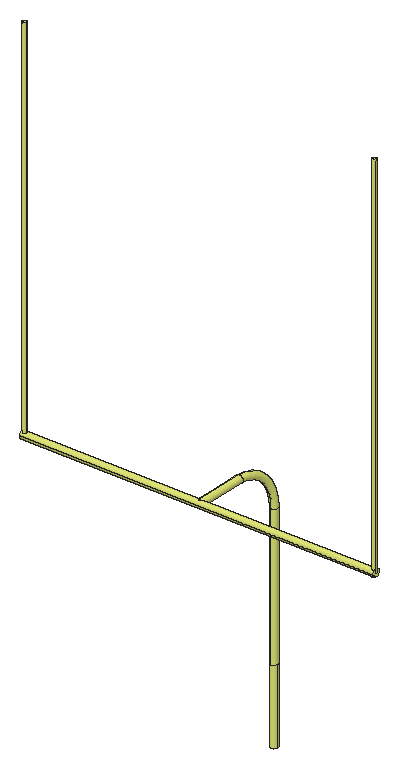
Revit family "Goalpost_PerfectGoal_Gooseneck", category Site, Revit 2023
Family settings
  Round Connector Dimension = Use Diameter
  Part Type = Normal
  OmniClass Number = 23.40.50.34.14
  OmniClass Title = Gymnasium Equipment
  Work Plane-Based = No
  Always vertical = Yes
  Cut with Voids When Loaded = No
  Shared = No
Parameters (values of type "FB45CG")
  URL = "https://ipibybison.com/"
  Total Width = Goal Clearance + (2 * (0' 2 3/8"))  # 18' - 10 3/4"
  Total Height = Rail Elevation + Post Height - 0' 4 1/2"  # 29' - 7 1/2"
  Test Data = "http://www.ipibybison.com/ToolBox.php"
  Specification = "https://www.arcat.com/arcatcos/cos49/arc49571.html"
  Setback = 5' - 0"
  Sales Information = "http://www.ipibybison.com/DealersPage.php"
  Revision = "R1_2018-09"
  Rail Elevation = 10' - 0"
  Product Data = "http://www.arcat.com/arcatcos/cos38/arc38554.html"
  Model = "As Specified"
  Manufacturer Website = "http://www.ipibybison.com/"
  Manufacturer Phone - Toll Free = "888-438-5311"
  Manufacturer Phone = "888-438-5311"
  Manufacturer Fax = "888-438-5312"
  Manufacturer Address = "603 L St.   Lincoln, NE 68508"
  Manufacturer = "BRP by bison"
  Keynote = "11 66 00"
  Installation-Fabrication = "http://www.ipibybison.com/InstallersPage.php"
  Green Building-LEED = "https://www.arcat.com/green/green_building.shtml"
  Gooseneck Diameter = 0' - 4 1/2"
  Post Height = 20' - 0"
  Goal Post Finish = Powder Coat - Specify Color
  Goal Clearance = 18' - 6"
  Embedding Depth = 4' - 0"
  Drawn By = "Sumex Design, Inc. / Robert S. Weygant, CSI, CDT, SCIP"
  Description = "IPI by Bison Gymnasium Equipment"
  Copyright = "©Arcat Inc."
  Construction Details = "https://www.arcat.com/downloads/38554-brpbis/bim/bison/BRP%20by%20bison"
  Category = ""
  Building Codes = "https://www.brpbybison.com/submittals.html"
Types (6): name | Total Width | Setback | Gooseneck Diameter | Goal Clearance
  FB45HS | 23' - 8 3/4" | 5' - 0" | 0' - 4 1/2" | 23' - 4"
  FB45CG | 18' - 10 3/4" | 5' - 0" | 0' - 4 1/2" | 18' - 6"
  FB55CG | 18' - 10 3/4" | 6' - 0" | 0' - 5 9/16" | 18' - 6"
  FB55HS | 23' - 8 3/4" | 6' - 0" | 0' - 5 9/16" | 23' - 4"
  FB58CG | 18' - 10 3/4" | 8' - 0" | 0' - 5 9/16" | 18' - 6"
  FB58HS | 23' - 8 3/4" | 8' - 0" | 0' - 5 9/16" | 23' - 4"
Reference planes (in)
  plane 1 "Center (Front/Back)": y = 0
  plane 2 "Bottom": z = 0
  plane 3 "Center (Left/Right)": x = 0
  plane 4 "Left": x = -113.375
  plane 5 "Right": x = 113.375
  plane 6: z = 120
  plane 7: z = 117.75
  plane 8 "Rail Alignment": y = -60
  plane 9: z = 115.5
  plane 10 "Top": z = 355.5
  plane 11: x = -112.1875
  plane 12: x = 112.1875
  plane 13: x = -111
  plane 14: x = 111
  plane 15: z = -48
Forms (in)
  Sweep 1, solid, material "Powder Coat - Specify Color" <- "Goal Post Finish"
    path origin (0, 0, 0) x (0, 1, 0) y (0, 0, 1)
      loop
        line (-60, 117.75) -> (-28, 117.75)
        arc (-28, 117.75) -> (-8.20101, 109.54899) -> (0, 89.75) r 28
        line (0, 89.75) -> (0, 0)
    profile origin (0, -44, 117.75) x (0, 0, 1) y (1, 0, 0)
      loop
        circle (0, 0) r 2.25
  Extrusion 2, solid, material "Powder Coat - Specify Color" <- "Goal Post Finish"
    sketch origin (0, 0, 0) x (1, 0, 0) y (0, 1, 0)
      loop
        circle (-112.1875, -60) r 1.1875
      loop
        circle (112.1875, -60) r 1.1875
    from 117.75 to 355.5
  Extrusion 3, solid, material "Powder Coat - Specify Color" <- "Goal Post Finish"
    sketch origin (0, 0, 0) x (1, 0, 0) y (0, 1, 0)
      loop
        circle (0, 0) r 2.25
    from -48 to 0
  Extrusion 4, solid, material "Powder Coat - Specify Color" <- "Goal Post Finish"
    sketch origin (0, 0, 0) x (0, 1, 0) y (0, 0, 1)
      loop
        circle (-60, 117.75) r 2.25
    from -113.375 to 113.375
Dimensions and locks (in)
  equal spacing: plane 4 "Left", plane 3 "Center (Left/Right)", plane 5 "Right"
  "Rail Elevation": plane 6 to plane 2 "Bottom"
  locked: plane 6 to plane 7 at 2.25
  "Setback": plane 8 "Rail Alignment" to plane 1 "Center (Front/Back)"
  equal spacing: plane 6, plane 7, plane 9
  "Post Height": plane 10 "Top" to plane 9
  equal spacing: plane 4 "Left", plane 11, plane 13
  locked: plane 4 "Left" to plane 13 at 2.375
  equal spacing: plane 5 "Right", plane 12, plane 14
  locked: plane 5 "Right" to plane 14 at 2.375
  "Goal Clearance": plane 13 to plane 14
  "Embedding Depth": level to plane 15
  "Gooseneck Diameter": diameter of Extrusion 4 sketch curve
  "Gooseneck Diameter": diameter of Sweep 1 sketch curve
  "Gooseneck Diameter": diameter of Extrusion 3 sketch curve
  aligned and locked: plane 2 "Bottom" to level
  aligned and locked: plane 7 to Sweep 1 sketch curve  (x2)
  aligned and locked: plane 8 "Rail Alignment" to Sweep 1 sketch curve
  aligned and locked: Sweep 1 sketch curve to plane 1 "Center (Front/Back)"
  aligned and locked: level to Sweep 1 sketch curve
  aligned and locked: plane 3 "Center (Left/Right)" to Sweep 1 sketch curve
  aligned and locked: plane 11 to Extrusion 2 sketch curve
  aligned and locked: plane 8 "Rail Alignment" to Extrusion 2 sketch curve  (x2)
  aligned and locked: plane 12 to Extrusion 2 sketch curve
  aligned and locked: Extrusion 2 to plane 10 "Top"
  aligned and locked: Extrusion 2 to plane 7
  aligned and locked: plane 3 "Center (Left/Right)" to Extrusion 3 sketch curve
  aligned and locked: plane 1 "Center (Front/Back)" to Extrusion 3 sketch curve
  aligned and locked: level to Extrusion 3
  aligned and locked: plane 15 to Extrusion 3
  aligned and locked: plane 8 "Rail Alignment" to Extrusion 4 sketch curve
  aligned and locked: plane 7 to Extrusion 4 sketch curve
  aligned and locked: Extrusion 4 to plane 5 "Right"
  aligned and locked: Extrusion 4 to plane 4 "Left"
Automatic sketch dimensions
  Sweep 1 sketch curve to Sweep 1 sketch curve = 2' - 4"
  radius of Extrusion 2 sketch curve = 0' - 1 3/16"  (x2)
